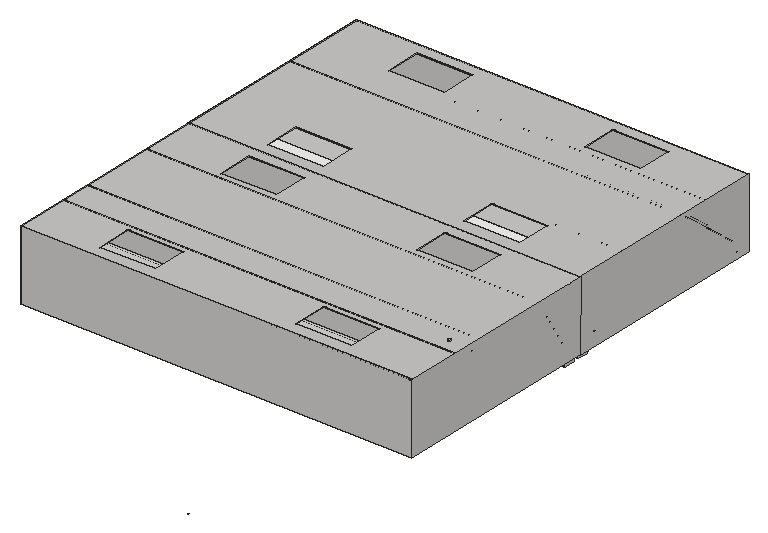
Revit family "QF_ELECTROLUXPROFESSIONAL_641395_STCF3028", category Specialty Equipment, Revit 2014
Reference planes
  plane 1 "Center (Front/Back)": y = 0
  plane 2: z = 0
  plane 3 "Center (Left/Right)": x = 0
  plane 4 "LEFT": x = -1400
  plane 5 "RIGHT": x = 1400
  plane 6 "BACK": y = 1500
  plane 7 "FRONT": y = -1500
  plane 8 "Base": z = 2000
  plane 9 "EIx": x = 1280
  plane 10 "Top": z = 2500
  plane 11 "BaseHood": z = 2000
  plane 12 "EI": y = -1020
Forms (mm)
  Extrusion 1, solid, material "QF_Finishes_Stainless Steel"
    sketch origin (0, -1020, 2500) x (0, 1, 0) y (-1, 0, 0)
      loop
        circle (0, -1280) r 10
    from 0 to 1.6
Dimensions and locks
  plane 4 "LEFT" to plane 5 "RIGHT" = 2800.0 mm
  equal spacing: plane 4 "LEFT", plane 3 "Center (Left/Right)", plane 5 "RIGHT"
  equal spacing: plane 6 "BACK", plane 1 "Center (Front/Back)", plane 7 "FRONT"
  plane 6 "BACK" to plane 7 "FRONT" = 3000.0 mm  (x2)
  plane 9 "EIx" to plane 5 "RIGHT" = 120.0 mm
  plane 11 "BaseHood" to level = 2000.0 mm
  plane 10 "Top" to plane 11 "BaseHood" = 500.0 mm
  plane 12 "EI" to plane 7 "FRONT" = 480.0 mm
  aligned and locked: level to plane 2
Automatic sketch dimensions
  plane 1 "Center (Front/Back)" to Extrusion 1 sketch curve = 1020.0 mm
  Extrusion 1 sketch curve to plane 9 "EIx" = 0.0 mm
  radius of Extrusion 1 sketch curve = 10.0 mm
Nested families
  nested 1: "QF_ELECTROLUXPROFESSIONAL_641261" at (-150, -550, 0), type "QF_ELECTROLUXPROFESSIONAL_641261"
  nested 2: "QF_ELECTROLUXPROFESSIONAL_641261" at (-150, 550, 0), type "QF_ELECTROLUXPROFESSIONAL_641261"
Connectors
  hvac at (-700, -1289, 2505)
    settings: on nested 1, index 1, duct flow 0.0 L/s, flow factor 0, pres drop 0.0 Pa, loss coef 0, conn angle 0.00°, conn width 250 mm, conn height 400 mm, conn diameter 609.6 mm, duct sys type 1, conn prof type 1, flow config 1, flow direction 1, loss method 0, conn ref index -1, conn util no, is conn primary yes, conn desc "AIR INLET"
  hvac at (-700, 1289, 2505)
    settings: on nested 2, index 4, duct flow 0.0 L/s, flow factor 0, pres drop 0.0 Pa, loss coef 0, conn angle 0.00°, conn width 400 mm, conn height 250 mm, conn diameter 609.6 mm, duct sys type 1, conn prof type 1, flow config 1, flow direction 1, loss method 0, conn ref index -1, conn util no, is conn primary no, conn desc "AIR INLET"
  hvac at (700, 1289, 2505)
    settings: on nested 2, index 5, duct flow 0.0 L/s, flow factor 0, pres drop 0.0 Pa, loss coef 0, conn angle 0.00°, conn width 400 mm, conn height 250 mm, conn diameter 609.6 mm, duct sys type 1, conn prof type 1, flow config 1, flow direction 1, loss method 0, conn ref index -1, conn util no, is conn primary no, conn desc "AIR INLET"
  hvac at (700, -1289, 2505)
    settings: on nested 1, index 8, duct flow 0.0 L/s, flow factor 0, pres drop 0.0 Pa, loss coef 0, conn angle 0.00°, conn width 250 mm, conn height 400 mm, conn diameter 609.6 mm, duct sys type 1, conn prof type 1, flow config 1, flow direction 1, loss method 0, conn ref index -1, conn util no, is conn primary no, conn desc "AIR INLET"
  piping at (1280, 60, 1970), diameter 9.5
    settings: on nested 2, index 9, connector inside diameter 609.6 mm, connector length 0.0 mm, flow factor 0, pipe flow 0.0 L/s, pressure drop 0.0 Pa, fitting loss kfactor 0, connector angle 0.00°, fixture units 0, engagement length 0.0 mm, angle of deflection 0.00°, flow configuration 1, flow direction 2, fitting loss method 0, system type 16, joint type 0, gender type 0, connector reference index -1, connector utility 0, adjustable connector no, is connector primary yes, connector description "Drain"
  piping at (1280, -60, 1970), diameter 9.5
    settings: on nested 1, index 10, connector inside diameter 609.6 mm, connector length 0.0 mm, flow factor 0, pipe flow 0.0 L/s, pressure drop 0.0 Pa, fitting loss kfactor 0, connector angle 0.00°, fixture units 0, engagement length 0.0 mm, angle of deflection 0.00°, flow configuration 1, flow direction 2, fitting loss method 0, system type 16, joint type 0, gender type 0, connector reference index -1, connector utility 0, adjustable connector no, is connector primary no, connector description "Drain"
  electrical at (1280, -1020, 2501.6)
    settings: on Extrusion 1, index 11, voltage 0 V, apparent load 0 VA, apparent load phase1 0 VA, apparent load phase2 0 VA, apparent load phase3 0 VA, power factor 1, load classification "Other", number of poles 1, system type 30, power factor state 1, is connector primary yes, connector utility no, sub classification motor no, connector description "Electrical Connection"
  hvac at (-700, 211, 2500)
    settings: on nested 2, index 12, duct flow 0.0 L/s, flow factor 0, pres drop 0.0 Pa, loss coef 0, conn angle 0.00°, conn width 250 mm, conn height 400 mm, conn diameter 609.6 mm, duct sys type 3, conn prof type 1, flow config 1, flow direction 2, loss method 0, conn ref index -1, conn util no, is conn primary no, conn desc "EXHAUST OUTLET"
  hvac at (-700, -211, 2500)
    settings: on nested 1, index 13, duct flow 0.0 L/s, flow factor 0, pres drop 0.0 Pa, loss coef 0, conn angle 0.00°, conn width 400 mm, conn height 250 mm, conn diameter 609.6 mm, duct sys type 3, conn prof type 1, flow config 1, flow direction 2, loss method 0, conn ref index -1, conn util no, is conn primary no, conn desc "EXHAUST OUTLET"
  hvac at (700, 211, 2499.19)
    settings: on nested 2, index 14, duct flow 0.0 L/s, flow factor 0, pres drop 0.0 Pa, loss coef 0, conn angle 0.00°, conn width 250 mm, conn height 400 mm, conn diameter 609.6 mm, duct sys type 3, conn prof type 1, flow config 1, flow direction 2, loss method 0, conn ref index -1, conn util no, is conn primary no, conn desc "EXHAUST OUTLET"
  hvac at (700, -211, 2500)
    settings: on nested 1, index 15, duct flow 0.0 L/s, flow factor 0, pres drop 0.0 Pa, loss coef 0, conn angle 0.00°, conn width 400 mm, conn height 250 mm, conn diameter 609.6 mm, duct sys type 3, conn prof type 1, flow config 1, flow direction 2, loss method 0, conn ref index -1, conn util no, is conn primary no, conn desc "EXHAUST OUTLET"
Definition of nested family "QF_ELECTROLUXPROFESSIONAL_641261"
  Reference planes
    plane 1: z = 0
    plane 2 "Center (Left/Right)": x = 150
    plane 3 "LEFT": x = -1250
    plane 4 "RIGHT": x = 1550
    plane 5 "BACK": y = 550
    plane 6 "TOP": z = 2500
    plane 7 "Base": z = 2000
    plane 8: z = 1955
    plane 9 "DrainY": y = 490
    plane 10: x = -1247
    plane 11 "DrainX": x = 1430
    plane 12 "AOLeft2": x = -350
    plane 13 "AORight1": x = 650
    plane 14: x = 1547
    plane 15: x = -1050
    plane 16: x = 1350
    plane 17 "Center (Front/Back)": y = -200
    plane 18 "Front": y = -950
    plane 19 "AOLeft1": x = -750
    plane 20 "AORight2": x = 1050
    plane 21: y = -864
    plane 22: y = -614
    plane 23 "EI_y": y = -470
    plane 24 "EIx": x = 1430
    plane 25: y = 464
    plane 26: y = 214
  Forms (mm)
    Extrusion 1, solid, material "QF_Finishes_Stainless Steel"
      sketch origin (-1250, 0, 360) x (0, 1, 0) y (0, 0, 1)
        loop
          line (550, 1640) -> (550, 2140) -> (-950, 2140) -> (-950, 1640) -> (550, 1640)
      from 0 to 3
    Extrusion 2, solid, material "QF_Finishes_Stainless Steel"
      sketch origin (1550, 0, 360) x (0, 1, 0) y (0, 0, 1)
        loop
          line (550, 1640) -> (550, 2140) -> (-950, 2140) -> (-950, 1640) -> (550, 1640)
      from 0 to -3
    Extrusion 3, solid, material "QF_Finishes_Stainless Steel"
      sketch origin (150, 0, 360) x (0, 1, 0) y (0, 0, 1)
        loop
          line (-950, 2140) -> (-950, 1640) -> (-940, 1640) -> (-940, 1640.8) -> (-949.2, 1640.8) -> (-949.2, 2139.19) -> (549.2, 2139.19) -> (549.2, 1640.8) -> (540, 1640.8) -> (540, 1640) -> (550, 1640) -> (550, 2140) -> (-950, 2140)
      from -1400 to 1400
    Extrusion 4, solid, material "QF_Finishes_Stainless Steel"
      sketch origin (0, 0, 2000) x (0, 1, 0) y (-1, 0, 0)
        loop
          circle (490, -1430) r 4.763
      from -30 to 0
    Extrusion 5, void
      sketch origin (0, 0, 2500) x (0, 1, 0) y (-1, 0, 0)
        loop
          line (-614, 350) -> (-614, 750) -> (-864, 750) -> (-864, 350) -> (-614, 350)
      from 0 to -10
    Extrusion 6, solid, material "QF_Finishes_Stainless Steel"
      sketch origin (0, 0, 0) x (1, 0, 0) y (0, 1, 0)
        loop
          line (-1250, 550) -> (-1250, 549) -> (-1249, 549) -> (-1249, 550) -> (-1250, 550)
      from 0 to 1
    Extrusion 7, solid, material "QF_LAMPS"
      sketch origin (150, 0, 360) x (0, 1, 0) y (0, 0, 1)
        loop
          line (-572.823, 1962.324) -> (-418.948, 2086.929) -> (-427.129, 2097.032) -> (-581.003, 1972.426) -> (-572.823, 1962.324)
      from 1397 to -1397
    Sweep 8, solid, material "QF_Finishes_Stainless Steel"
      path origin (0, 0, 0) x (1, 0, 0) y (0, 1, 0)
        loop
          line (1550, 550) -> (-1250, 550) -> (-1250, -950) -> (1550, -950) -> (1550, 550)
      profile origin (1550, -200, 0) x (1, 0, 0) y (0, 0, 1)
        loop
          line (-3, 2000) -> (-3, 2000.8) -> (-19, 2000.8) -> (-19, 2010) -> (-20, 2010) -> (-20, 2000) -> (-3, 2000)
    Extrusion 9, solid, material "QF_Finishes_Stainless Steel"
      sketch origin (150, 0, 0) x (0, 1, 0) y (0, 0, 1)
        loop
          line (414.66, 2095.469) -> (440.643, 2110.471) -> (261.744, 2411.771) -> (235.948, 2396.455) -> (414.66, 2095.469)
      from -1397 to -1200
    Extrusion 10, void
      sketch origin (1134.605, 0, 2500) x (0, 1, 0) y (-1, 0, 0)
        loop
          line (-614, 84.605) -> (-614, 484.605) -> (-864, 484.605) -> (-864, 84.605) -> (-614, 84.605)
      from 0 to -10
    Extrusion 11, solid, material "QF_Finishes_Stainless Steel"
      sketch origin (1430, 0, 0) x (0, 1, 0) y (0, 0, 1)
        loop
          line (539, 2000) -> (441, 2000) -> (441, 1989) -> (448.5, 1989) -> (448.5, 1965)
          arc (448.5, 1965) -> (451.429, 1957.929) -> (458.5, 1955) r 10
          line (458.5, 1955) -> (521.5, 1955)
          arc (521.5, 1955) -> (528.571, 1957.929) -> (531.5, 1965) r 10
          line (531.5, 1965) -> (531.5, 1989) -> (539, 1989) -> (539, 2000)
      from 90 to -90
    Extrusion 12, solid, material "QF_Finishes_Stainless Steel"
      sketch origin (150, 0, 0) x (0, 1, 0) y (0, 0, 1)
        loop
          line (414.66, 2095.469) -> (440.643, 2110.471) -> (261.744, 2411.771) -> (235.948, 2396.455) -> (414.66, 2095.469)
      from 1200 to 1397
    Extrusion 13, solid, material "QF_Finished_Chrome"
      sketch origin (150, 0, 0) x (0, 1, 0) y (0, 0, 1)
        loop
          line (414.66, 2095.469) -> (440.643, 2110.471) -> (261.744, 2411.771) -> (235.948, 2396.455) -> (414.66, 2095.469)
      from -1200 to 1200
    Extrusion 14, void
      sketch origin (0, 1180, 2500) x (0, 1, 0) y (-1, 0, 0)
        loop
          line (-716, 350) -> (-716, 750) -> (-966, 750) -> (-966, 350) -> (-716, 350)
      from 0 to -10
    Extrusion 15, void
      sketch origin (1600, 1180, 2500) x (0, 1, 0) y (-1, 0, 0)
        loop
          line (-716, 550) -> (-716, 950) -> (-966, 950) -> (-966, 550) -> (-716, 550)
      from 0 to -10
    Extrusion 16, solid, material "QF_Finishes_Stainless Steel"
      sketch origin (150, 0, 360) x (0, 1, 0) y (0, 0, 1)
        loop
          line (430.005, 1640) -> (540, 1640) -> (540, 1640.8) -> (430.467, 1640.8) -> (371.906, 1742.23) -> (414.858, 1734.657) -> (442.266, 1750.481) -> (442.266, 1765.943) -> (441.466, 1765.943) -> (441.466, 1750.943) -> (414.709, 1735.495) -> (321.153, 1751.991) -> (320.875, 1750.416) -> (371.4, 1741.507) -> (430.005, 1640)
        loop
          line (172.529, 2139.19) -> (242.893, 2017.316) -> (245.133, 2018.715) -> (240.13, 2027.381) -> (238.569, 2026.405) -> (173.453, 2139.19) -> (172.529, 2139.19)
      from -1397 to 1397
    Extrusion 17, solid, material "QF_Finishes_Stainless Steel"
      sketch origin (150, 200.8, 360) x (0, 1, 0) y (0, 0, 1)
        loop
          line (-1150, 2139.19) -> (-1150, 1640) -> (-1086.602, 1640) -> (-999.146, 1690.493) -> (-1010.058, 1709.394) -> (-1066.564, 1676.77) -> (-1114.704, 1680.982) -> (-1149.2, 1730.248) -> (-1149.2, 2139.19) -> (-1150, 2139.19)
        loop
          line (-773.6, 1961.694) -> (-781.937, 1971.99) -> (-769.095, 1982.182) -> (-769.095, 2139.19) -> (-769.895, 2139.19) -> (-769.895, 1982.569) -> (-1082.298, 1734.63) -> (-1071.091, 1720.79) -> (-773.6, 1961.694)
        loop
          line (-627.61, 2099.216) -> (-618.171, 2087.559) -> (-554.411, 2139.19) -> (-555.682, 2139.19) -> (-618.052, 2088.684) -> (-626.989, 2099.719) -> (-627.61, 2099.216)
      from -1397 to 1397
  Cuts and joins
    Extrusion 5, Extrusion 10, Extrusion 14, Extrusion 15 cuts Extrusion 3
    joined: Extrusion 2, Extrusion 3, Sweep 8
  Lines and regions (mm)
    symbolic lines, style "SpecialityEquipment", detail levels coarse
      curve 1: line (1550, 550, 2500) -> (-1250, 550, 2500)
      curve 2: line (-1250, 550, 2500) -> (-1250, -950, 2500)
      curve 3: line (1550, -950, 2500) -> (1550, 550, 2500)
      curve 4: line (-1250, 550, 0) -> (1550, -950, 0)
      curve 5: line (1550, 550, 0) -> (-1250, -950, 0)
      curve 6: line (-1250, -950, 0) -> (1550, -950, 0)
    symbolic lines, detail levels coarse
      curve 7: line (-750, 214, 2500) -> (-350, 214, 2500)
      curve 8: line (-750, 464, 2500) -> (-750, 214, 2500)
      curve 9: line (-350, 464, 2500) -> (-750, 464, 2500)
      curve 10: line (-350, 214, 2500) -> (-350, 464, 2500)
      curve 11: line (650, 464, 2500) -> (650, 214, 2500)
      curve 12: line (1050, 464, 2500) -> (650, 464, 2500)
      curve 13: line (650, 214, 2500) -> (1050, 214, 2500)
      curve 14: line (1050, 214, 2500) -> (1050, 464, 2500)
    symbolic lines
      curve 15: line (-750, -614, 0) -> (-350, -614, 0)
      curve 16: line (-750, -864, 0) -> (-750, -614, 0)
      curve 17: line (-350, -864, 0) -> (-750, -864, 0)
      curve 18: line (-350, -614, 0) -> (-350, -864, 0)
      curve 19: line (650, -614, 0) -> (1050, -614, 0)
      curve 20: line (650, -864, 0) -> (650, -614, 0)
      curve 21: line (1050, -864, 0) -> (650, -864, 0)
      curve 22: line (1050, -614, 0) -> (1050, -864, 0)
  Dimensions and locks
    plane 3 "LEFT" to plane 4 "RIGHT" = 2800.0 mm
    equal spacing: plane 3 "LEFT", plane 2 "Center (Left/Right)", plane 4 "RIGHT"
    plane 7 "Base" to plane 8 = 45.0 mm
    plane 5 "BACK" to plane 9 "DrainY" = 60.0 mm  (x2)
    plane 3 "LEFT" to plane 10 = 3.0 mm
    plane 11 "DrainX" to plane 4 "RIGHT" = 120.0 mm
    plane 14 to plane 4 "RIGHT" = 3.0 mm
    plane 3 "LEFT" to plane 15 = 200.0 mm
    plane 16 to plane 4 "RIGHT" = 200.0 mm
    locked: plane 12 "AOLeft2" to plane 13 "AORight1" at 1000
    equal spacing: plane 12 "AOLeft2", plane 2 "Center (Left/Right)", plane 13 "AORight1"
    locked: plane 7 "Base" to level at 2000
    locked: plane 6 "TOP" to plane 7 "Base" at 500
    locked: plane 19 "AOLeft1" to plane 12 "AOLeft2" at 400
    locked: plane 13 "AORight1" to plane 20 "AORight2" at 400
    locked: plane 22 to plane 21 at 250
    locked: plane 21 to plane 18 "Front" at 86
    locked: plane 23 "EI_y" to plane 18 "Front" at 480
    locked: plane 24 "EIx" to plane 4 "RIGHT" at 120
    locked: plane 5 "BACK" to plane 18 "Front" at 1500
    plane 5 "BACK" to plane 18 "Front" = 1500.0 mm
    equal spacing: plane 5 "BACK", plane 17 "Center (Front/Back)", plane 18 "Front"
    locked: plane 26 to plane 25 at 250
    plane 5 "BACK" to plane 25 = 86.0 mm
    aligned and locked: level to plane 1
    aligned and locked: plane 4 "RIGHT" to Extrusion 3
    aligned and locked: Extrusion 3 to plane 3 "LEFT"
    aligned and locked: Extrusion 2 to plane 14
    aligned and locked: Extrusion 9 to plane 10
    aligned and locked: Extrusion 5 to plane 19 "AOLeft1"
    aligned and locked: Extrusion 5 to plane 12 "AOLeft2"
    aligned and locked: plane 20 "AORight2" to Extrusion 10
    aligned and locked: plane 13 "AORight1" to Extrusion 10
    aligned and locked: plane 15 to Extrusion 9
    aligned and locked: plane 16 to Extrusion 12
    aligned and locked: plane 14 to Extrusion 12
    aligned and locked: Extrusion 13 to plane 15
    aligned and locked: Extrusion 13 to plane 16
    aligned and locked: plane 14 to Extrusion 7
    aligned and locked: Extrusion 7 to plane 10
    aligned and locked: plane 13 "AORight1" to Extrusion 15
    aligned and locked: plane 20 "AORight2" to Extrusion 15
    aligned and locked: Extrusion 14 to plane 19 "AOLeft1"
    aligned and locked: Extrusion 14 to plane 12 "AOLeft2"
    aligned and locked: Extrusion 16 to plane 10
    aligned and locked: plane 14 to Extrusion 16
    aligned and locked: Extrusion 5 to plane 21
    aligned and locked: plane 22 to Extrusion 5
    aligned and locked: Extrusion 10 to plane 21
    aligned and locked: Extrusion 17 to plane 10
    aligned and locked: plane 14 to Extrusion 17
    aligned and locked: plane 26 to cut or joined group of Extrusion 2, Extrusion 3, Extrusion 5, Sweep 8, Extrusion 10, Extrusion 14, Extrusion 15  (x2)
    aligned and locked: plane 26 to curve 7
    aligned and locked: cut or joined group of Extrusion 2, Extrusion 3, Extrusion 5, Sweep 8, Extrusion 10, Extrusion 14, Extrusion 15 to plane 25  (x2)
    aligned and locked: curve 9 to plane 25
    aligned and locked: curve 12 to plane 25
    aligned and locked: plane 26 to curve 13
  Automatic sketch dimensions
    Extrusion 4 sketch curve to plane 9 "DrainY" = 0.0 mm
    Extrusion 4 sketch curve to plane 11 "DrainX" = 0.0 mm
    Extrusion 9 sketch curve to plane 9 "DrainY" = 75.34 mm
    Extrusion 9 sketch curve to Extrusion 9 sketch curve = 25.983 mm
    plane 7 "Base" to Extrusion 9 sketch curve = 95.469 mm
    Extrusion 9 sketch curve to Extrusion 9 sketch curve = 15.001 mm
    Extrusion 9 sketch curve to plane 6 "TOP" = 103.545 mm
    Extrusion 9 sketch curve to Extrusion 9 sketch curve = 15.316 mm
    Extrusion 12 sketch curve to plane 9 "DrainY" = 75.34 mm
    Extrusion 12 sketch curve to Extrusion 12 sketch curve = 25.983 mm
    plane 7 "Base" to Extrusion 12 sketch curve = 95.469 mm
    Extrusion 12 sketch curve to Extrusion 12 sketch curve = 15.001 mm
    Extrusion 12 sketch curve to plane 6 "TOP" = 103.545 mm
    Extrusion 12 sketch curve to Extrusion 12 sketch curve = 15.316 mm
    Extrusion 13 sketch curve to plane 9 "DrainY" = 75.34 mm
    Extrusion 13 sketch curve to Extrusion 13 sketch curve = 25.983 mm
    plane 7 "Base" to Extrusion 13 sketch curve = 95.469 mm
    Extrusion 13 sketch curve to Extrusion 13 sketch curve = 15.001 mm
    Extrusion 13 sketch curve to plane 6 "TOP" = 103.545 mm
    Extrusion 13 sketch curve to Extrusion 13 sketch curve = 15.316 mm
    Extrusion 16 sketch curve to plane 7 "Base" = 0.0 mm
    Extrusion 16 sketch curve to plane 6 "TOP" = 0.81 mm
    Extrusion 16 sketch curve to Extrusion 16 sketch curve = 0.924 mm
    Extrusion 16 sketch curve to Extrusion 16 sketch curve = 2.24 mm
    Extrusion 16 sketch curve to Extrusion 16 sketch curve = 0.278 mm
    Extrusion 16 sketch curve to Extrusion 16 sketch curve = 50.525 mm
    Extrusion 16 sketch curve to Extrusion 16 sketch curve = 0.506 mm
    Extrusion 16 sketch curve to Extrusion 16 sketch curve = 42.803 mm
    Extrusion 16 sketch curve to Extrusion 16 sketch curve = 0.148 mm
    Extrusion 16 sketch curve to plane 9 "DrainY" = 59.995 mm
    plane 7 "Base" to Extrusion 16 sketch curve = 0.8 mm
    Extrusion 16 sketch curve to Extrusion 16 sketch curve = 0.462 mm  (x2)
    Extrusion 16 sketch curve to Extrusion 16 sketch curve = 109.533 mm
    Extrusion 16 sketch curve to Extrusion 16 sketch curve = 26.757 mm
    Extrusion 16 sketch curve to Extrusion 16 sketch curve = 0.8 mm
    plane 7 "Base" to Extrusion 16 sketch curve = 94.657 mm
    Extrusion 16 sketch curve to Extrusion 16 sketch curve = 0.838 mm
    Extrusion 16 sketch curve to Extrusion 16 sketch curve = 6.012 mm
    Extrusion 16 sketch curve to Extrusion 16 sketch curve = 0.723 mm
    Extrusion 16 sketch curve to Extrusion 16 sketch curve = 14.986 mm
    Extrusion 16 sketch curve to Extrusion 16 sketch curve = 15.0 mm
    Extrusion 16 sketch curve to plane 6 "TOP" = 122.684 mm
    Extrusion 16 sketch curve to Extrusion 16 sketch curve = 1.399 mm
    Extrusion 16 sketch curve to Extrusion 16 sketch curve = 9.089 mm
    Extrusion 16 sketch curve to Extrusion 16 sketch curve = 0.975 mm
    Extrusion 9 sketch curve to plane 9 "DrainY" = 228.256 mm
    Extrusion 9 sketch curve to Extrusion 9 sketch curve = 25.795 mm
    Extrusion 12 sketch curve to plane 9 "DrainY" = 228.256 mm
    Extrusion 12 sketch curve to Extrusion 12 sketch curve = 25.795 mm
    Extrusion 13 sketch curve to plane 9 "DrainY" = 228.256 mm
    Extrusion 13 sketch curve to Extrusion 13 sketch curve = 25.795 mm
    Extrusion 16 sketch curve to plane 9 "DrainY" = 75.142 mm
    Extrusion 16 sketch curve to plane 9 "DrainY" = 244.867 mm
    Extrusion 16 sketch curve to Extrusion 16 sketch curve = 5.003 mm
    Extrusion 16 sketch curve to Extrusion 16 sketch curve = 1.561 mm
    Extrusion 16 sketch curve to Extrusion 16 sketch curve = 66.677 mm
    curve 6 to plane 3 "LEFT" = 0.0 mm
    curve 4 to plane 3 "LEFT" = 0.0 mm
    curve 16 to plane 19 "AOLeft1" = 0.0 mm
    curve 18 to plane 12 "AOLeft2" = 0.0 mm
    curve 20 to plane 13 "AORight1" = 0.0 mm
    curve 22 to plane 20 "AORight2" = 0.0 mm
    curve 6 to plane 4 "RIGHT" = 0.0 mm
    curve 5 to plane 4 "RIGHT" = 0.0 mm
    curve 4 to plane 18 "Front" = 0.0 mm
    curve 21 to plane 21 = 0.0 mm
    curve 17 to plane 21 = 0.0 mm
    curve 18 to plane 22 = 0.0 mm
    curve 19 to plane 22 = 0.0 mm
    curve 4 to plane 5 "BACK" = 0.0 mm
    curve 5 to plane 5 "BACK" = 0.0 mm
    curve 2 to plane 3 "LEFT" = 0.0 mm
    curve 2 to plane 18 "Front" = 0.0 mm
    curve 3 to plane 4 "RIGHT" = 0.0 mm
    curve 3 to plane 18 "Front" = 0.0 mm
    curve 13 to plane 20 "AORight2" = 0.0 mm
    curve 11 to plane 13 "AORight1" = 0.0 mm
    curve 7 to plane 19 "AOLeft1" = 0.0 mm
    curve 7 to plane 12 "AOLeft2" = 0.0 mm
    curve 2 to plane 5 "BACK" = 0.0 mm
    Extrusion 1 sketch curve to plane 7 "Base" = 0.0 mm
    Extrusion 1 sketch curve to plane 18 "Front" = 0.0 mm
    Extrusion 1 sketch curve to plane 5 "BACK" = 0.0 mm
    Extrusion 1 sketch curve to plane 6 "TOP" = 0.0 mm
    Extrusion 2 sketch curve to plane 7 "Base" = 0.0 mm
    Extrusion 2 sketch curve to plane 18 "Front" = 0.0 mm
    Extrusion 2 sketch curve to plane 5 "BACK" = 0.0 mm
    Extrusion 2 sketch curve to plane 6 "TOP" = 0.0 mm
    Extrusion 3 sketch curve to plane 6 "TOP" = 0.0 mm
    Extrusion 3 sketch curve to plane 18 "Front" = 0.0 mm
    Extrusion 3 sketch curve to plane 7 "Base" = 0.0 mm  (x2)
    Extrusion 3 sketch curve to plane 5 "BACK" = 0.0 mm
    plane 18 "Front" to Extrusion 3 sketch curve = 0.8 mm
    Extrusion 3 sketch curve to Extrusion 3 sketch curve = 9.2 mm
    plane 7 "Base" to Extrusion 3 sketch curve = 0.8 mm  (x2)
    Extrusion 3 sketch curve to plane 5 "BACK" = 10.0 mm
    Extrusion 3 sketch curve to plane 5 "BACK" = 0.8 mm
    Extrusion 3 sketch curve to plane 6 "TOP" = 0.81 mm
    Extrusion 5 sketch curve to plane 12 "AOLeft2" = 0.0 mm
    Extrusion 5 sketch curve to plane 21 = 0.0 mm
    Extrusion 5 sketch curve to plane 22 = 0.0 mm
    Extrusion 5 sketch curve to plane 19 "AOLeft1" = 0.0 mm
    Extrusion 6 sketch curve to plane 3 "LEFT" = 0.0 mm
    Extrusion 6 sketch curve to plane 5 "BACK" = 0.0 mm
    plane 3 "LEFT" to Extrusion 6 sketch curve = 1.0 mm
    Extrusion 6 sketch curve to Extrusion 6 sketch curve = 1.0 mm
    plane 22 to Extrusion 7 sketch curve = 32.997 mm
    Extrusion 7 sketch curve to Extrusion 7 sketch curve = 8.181 mm  (x2)
    plane 23 "EI_y" to Extrusion 7 sketch curve = 42.871 mm
    Extrusion 7 sketch curve to plane 6 "TOP" = 177.676 mm
    Extrusion 7 sketch curve to Extrusion 7 sketch curve = 10.102 mm
    Extrusion 7 sketch curve to plane 6 "TOP" = 53.071 mm
    Extrusion 7 sketch curve to Extrusion 7 sketch curve = 10.103 mm
    Sweep 8 sketch curve to plane 3 "LEFT" = 0.0 mm
    Sweep 8 sketch curve to plane 4 "RIGHT" = 0.0 mm
    Sweep 8 sketch curve to plane 18 "Front" = 0.0 mm
    Sweep 8 sketch curve to plane 5 "BACK" = 0.0 mm
    profile plane to Sweep 8 sketch curve = 20.0 mm
    Sweep 8 sketch curve to Sweep 8 sketch curve = 1.0 mm
    profile plane to Sweep 8 sketch curve = 3.0 mm
    level to Sweep 8 sketch curve = 2000.0 mm
    Sweep 8 sketch curve to Sweep 8 sketch curve = 0.8 mm
    Sweep 8 sketch curve to Sweep 8 sketch curve = 9.2 mm
    Extrusion 10 sketch curve to plane 20 "AORight2" = 0.0 mm
    Extrusion 10 sketch curve to plane 21 = 0.0 mm
    Extrusion 10 sketch curve to plane 22 = 0.0 mm
    Extrusion 10 sketch curve to plane 13 "AORight1" = 0.0 mm
    Extrusion 11 sketch curve to plane 7 "Base" = 0.0 mm
    Extrusion 11 sketch curve to plane 8 = 0.0 mm
    Extrusion 11 sketch curve to plane 7 "Base" = 11.0 mm  (x2)
    plane 25 to Extrusion 11 sketch curve = 23.0 mm
    Extrusion 11 sketch curve to Extrusion 11 sketch curve = 7.5 mm  (x2)
    plane 25 to Extrusion 11 sketch curve = 5.5 mm
    Extrusion 11 sketch curve to plane 5 "BACK" = 28.5 mm
    Extrusion 11 sketch curve to plane 5 "BACK" = 18.5 mm
    Extrusion 14 sketch curve to plane 12 "AOLeft2" = 0.0 mm
    Extrusion 14 sketch curve to plane 19 "AOLeft1" = 0.0 mm
    Extrusion 14 sketch curve to plane 9 "DrainY" = 26.0 mm
    Extrusion 14 sketch curve to plane 26 = 0.0 mm
    Extrusion 15 sketch curve to plane 20 "AORight2" = 0.0 mm
    Extrusion 15 sketch curve to plane 13 "AORight1" = 0.0 mm
    Extrusion 15 sketch curve to plane 9 "DrainY" = 26.0 mm
    Extrusion 15 sketch curve to plane 26 = 0.0 mm
    Extrusion 17 sketch curve to plane 7 "Base" = 0.0 mm
    plane 18 "Front" to Extrusion 17 sketch curve = 0.8 mm
    Extrusion 17 sketch curve to Extrusion 17 sketch curve = 0.8 mm  (x2)
    plane 18 "Front" to Extrusion 17 sketch curve = 36.096 mm
    Extrusion 17 sketch curve to plane 21 = 21.802 mm
    Extrusion 17 sketch curve to plane 21 = 17.498 mm
    Extrusion 17 sketch curve to plane 21 = 6.291 mm
    Extrusion 17 sketch curve to plane 21 = 1.764 mm
    plane 21 to Extrusion 17 sketch curve = 54.742 mm
    Extrusion 17 sketch curve to Extrusion 17 sketch curve = 10.912 mm
    plane 22 to Extrusion 17 sketch curve = 32.863 mm
    Extrusion 17 sketch curve to Extrusion 17 sketch curve = 8.337 mm
    Extrusion 17 sketch curve to Extrusion 17 sketch curve = 12.042 mm
    plane 23 "EI_y" to Extrusion 17 sketch curve = 43.19 mm
    Extrusion 17 sketch curve to Extrusion 17 sketch curve = 0.622 mm
    Extrusion 17 sketch curve to Extrusion 17 sketch curve = 9.44 mm
    Extrusion 17 sketch curve to Extrusion 17 sketch curve = 0.118 mm
    Extrusion 17 sketch curve to plane 6 "TOP" = 0.81 mm  (x3)
    Extrusion 17 sketch curve to Extrusion 17 sketch curve = 62.37 mm
    Extrusion 17 sketch curve to Extrusion 17 sketch curve = 1.271 mm
    plane 7 "Base" to Extrusion 17 sketch curve = 36.77 mm
    plane 7 "Base" to Extrusion 17 sketch curve = 40.982 mm
    plane 7 "Base" to Extrusion 17 sketch curve = 50.493 mm
    Extrusion 17 sketch curve to Extrusion 17 sketch curve = 18.901 mm
    Extrusion 17 sketch curve to Extrusion 17 sketch curve = 44.02 mm
    Extrusion 17 sketch curve to Extrusion 17 sketch curve = 49.266 mm
    Extrusion 17 sketch curve to Extrusion 17 sketch curve = 13.84 mm
    Extrusion 17 sketch curve to plane 6 "TOP" = 178.306 mm
    Extrusion 17 sketch curve to Extrusion 17 sketch curve = 10.296 mm
    Extrusion 17 sketch curve to Extrusion 17 sketch curve = 10.192 mm
    Extrusion 17 sketch curve to Extrusion 17 sketch curve = 0.386 mm
    Extrusion 17 sketch curve to plane 6 "TOP" = 52.441 mm
    Extrusion 17 sketch curve to Extrusion 17 sketch curve = 1.125 mm
    radius of Extrusion 4 sketch curve = 4.763 mm
